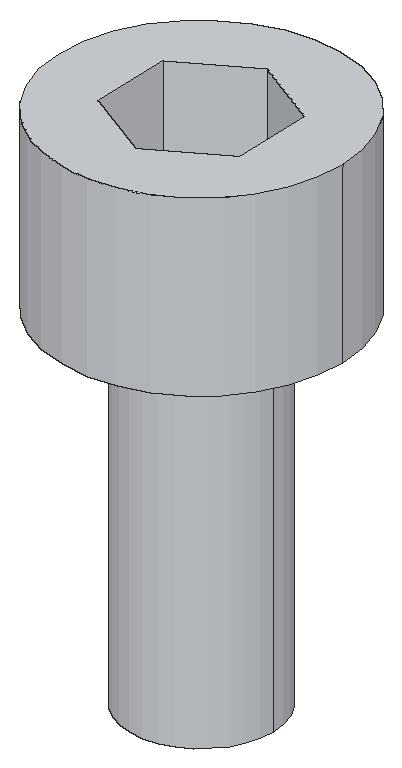
Revit family "Zylinderschraube mit Innensechskant DIN EN ISO 4762", category HLS-Bauteile, Revit 2017
Family settings
  Bemaßung runder Anschluss = Durchmesser verwenden
  Teiletyp = Normal
  Arbeitsebenenbasiert = Ja
  Immer vertikal = Nein
  Beim Laden mit Abzugskörper schneiden = Nein
  Gemeinsam genutzt = Ja
  Raumberechnungspunkt = Nein
Parameters (values of type "Zylinderschraube m. Innen6kant M10x 20")
  vpe = "100 St"
  d2 = 4.1 mm
  Default Elevation = 1219.2 mm
  Schlüsselweite = ""
  S = 8 mm
  Regelhalter [instance] = ""
  Oberflaeche = "galvanisch verzinkt"
  Mengeneinheit = "St"
  Material = "Stahl"
  Länge = 20 mm
  L = 20 mm
  Kurztext2 = "M10 x 20 mm Inbus 8 gvz"
  Kurztext1 = "Zylinderschraube EN ISO 4762"
  H Kopf = 10 mm
  Gewinde = "M10"
  Gewicht pro Bauteil = Gewicht  # 0.0229 kg
  Gewicht = 0.0229 kg
  Form Kopf = "Zylinderkopf"
  Firma = "MEFA Befestigungs- und Montagesysteme GmbH"
  Festigkeitsklasse = ""
  Fabrikat = "MEFA"
  EAN = "4250928438379"
  Dübeltyp = ""
  Durchmesser Kopf = "16 mm"
  D Kopf = 8 mm
  Artikelnummer = "3444200"
  Antriebsgröße = "8"
  Antrieb = "Inbus"
Types (6, lengths in mm): name | vpe | d2 | S | Länge | L | Kurztext2 | H Kopf | Gewinde | Gewicht pro Bauteil | Gewicht | EAN | Durchmesser Kopf | D Kopf | Artikelnummer | Antriebsgröße
  (no name) | "100 St" | 4.1 | 8 | 20 | 20 | "M10 x 20 mm Inbus 8 gvz" | 10 | "M10" | 0.0229 kg | 0.0229 kg | "4250928438379" | "16 mm" | 8 | "3444200" | "8"
  Zylinderschraube m. Innen6kant M 8x 20 | "100 St" | 3.2 | 6 | 20 | 20 | "M8 x 20 mm Inbus 6 gvz" | 8 | "M8" | 0.0134 kg | 0.0134 kg | "4250928438362" | "13 mm" | 6.5 | "3443205" | "6"
  Zylinderschraube m. Innen6kant M10x 25 | "100 St" | 4.1 | 8 | 25 | 25 | "M10 x 25 mm Inbus 8 gvz" | 10 | "M10" | 0.0259 kg | 0.0259 kg | "4250928438386" | "16 mm" | 8 | "3444252" | "8"
  Zylinderschraube m. Innen6kant M12x 25 | "100 St" | 5 | 10 | 25 | 25 | "M12 x 25 mm Inbus 10 gvz" | 12 | "M12" | 0.0356 kg | 0.0356 kg | "4250928438454" | "18 mm" | 9 | "3445259" | "10"
  Zylinderschraube m. Innen6kant M 8x 16 | "200 St" | 3.2 | 6 | 16 | 16 | "M8 x 16 mm Inbus 6 gvz" | 8 | "M8" | 0.0121 kg | 0.0121 kg | "4250928438355" | "13 mm" | 6.5 | "3443167" | "6"
  Zylinderschraube m. Innen6kant M10x 20 | "100 St" | 4.1 | 8 | 20 | 20 | "M10 x 20 mm Inbus 8 gvz" | 10 | "M10" | 0.0229 kg | 0.0229 kg | "4250928438379" | "16 mm" | 8 | "3444200" | "8"
Reference planes
  plane 1 "Mitte (Vorne/hinten)": y = 0
  plane 2: z = 0
  plane 3 "Mitte (Links/rechts)": x = 0
  plane 4: z = 2
Forms (mm)
  Extrusion 1, solid
    sketch origin (0, 0, 0) x (1, 0, 0) y (0, 1, 0)
      loop
        circle (0, 0) r 4.1
    from -20 to 0
  Extrusion 2, solid
    sketch origin (0, 0, 0) x (1, 0, 0) y (0, 1, 0)
      loop
        circle (0, 0) r 8
    from 0 to 10
  Extrusion 3, void
    sketch origin (0, 0, 0) x (1, 0, 0) y (0, 1, 0)
      loop
        line (-4, -2.309) -> (0, -4.619) -> (4, -2.309) -> (4, 2.309) -> (0, 4.619) -> (-4, 2.309) -> (-4, -2.309)
    from 2 to 16
Cuts and joins
  Extrusion 3 cuts Extrusion 1
  Extrusion 3 cuts Extrusion 2
Dimensions and locks
  "L": level to Extrusion 1
  "H Kopf": Extrusion 2 to Extrusion 2
  locked: plane 4 to level at 2
  equal spacing: Extrusion 3 sketch curve, plane 3 "Mitte (Links/rechts)", Extrusion 3 sketch curve  (x3)
  "S": Extrusion 3 sketch curve to Extrusion 3 sketch curve  (x3)
  "d2": radius of Extrusion 1 sketch curve
  "D Kopf": radius of Extrusion 2 sketch curve
  angle Extrusion 3 sketch curve to Extrusion 3 sketch curve = 120.00°  (x6)
  aligned and locked: level to plane 2
Automatic sketch dimensions
  plane 1 "Mitte (Vorne/hinten)" to Extrusion 1 sketch curve = 0 mm
  Extrusion 1 sketch curve to plane 3 "Mitte (Links/rechts)" = 0 mm
  plane 1 "Mitte (Vorne/hinten)" to Extrusion 2 sketch curve = 0 mm
  Extrusion 2 sketch curve to plane 3 "Mitte (Links/rechts)" = 0 mm
